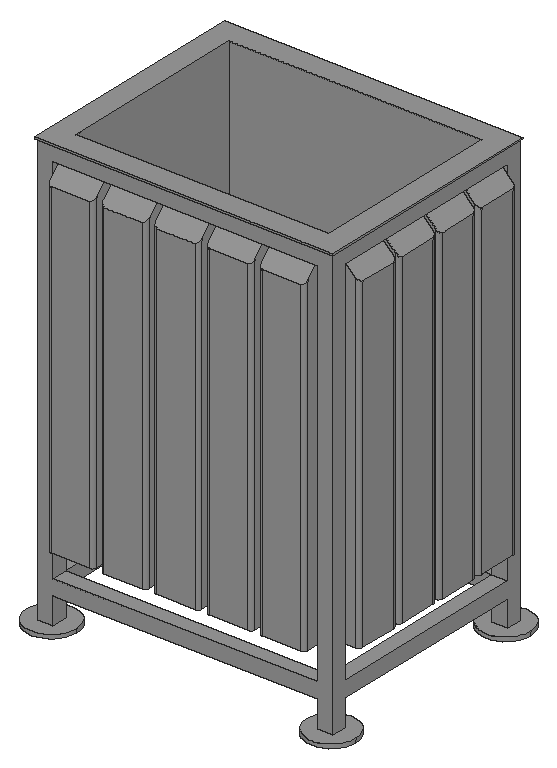
Revit family "Урна «Элегант» Арт 7284", category Антураж, Revit 2018
Family settings
  На основе рабочей плоскости = Нет
  Всегда вертикально = Да
  При загрузке вырезать с полостями = Нет
  Источник визуального образа = Геометрия семейства
  Общий = Нет
  Точка расчета площади = Нет
Parameters (values of type "Урна «Элегант». Версия «Элегант»")
  Ширина = 350 mm  # constant formula
  Цвет урны = Сталь
  Цвет отделки = Дерево
  Описание = if(Версия «Элегант», "Урна «Элегант». Версия «Элегант»", "Урна «Элегант». Версия «Элегант Нэо»")  # "Урна «Элегант». Версия «Элегант»"
  Материал изделия = "Сталь, дерево"  # constant formula
  Изображение типоразмера = Урна «Элегант» Арт 7284.jpg
  Изготовитель = "ООО «Хоббика»"  # constant formula
  Длина = 430 mm  # constant formula
  Группа модели = "Уличные урны"  # constant formula
  Высота = 570 mm  # constant formula
  Версия «Элегант» = yes
  Версия «Элегант Нэо» = not(Версия «Элегант»)  # no
  Артикул товара = "Арт. 7284"  # constant formula
  URL = "https://hobbyka.ru/product/urna_elegant/"
Types (3, lengths in mm): name | Цвет урны | Цвет отделки | Описание | Изображение типоразмера | Версия «Элегант» | Версия «Элегант Нэо»
  (no name) | Сталь | Дерево | "Урна «Элегант». Версия «Элегант»" | Урна «Элегант» Арт 7284.jpg | yes | no
  Урна «Элегант». Версия «Элегант» | Сталь | Дерево | "Урна «Элегант». Версия «Элегант»" | Урна «Элегант» Арт 7284.jpg | yes | no
  Урна «Элегант». Версия «Элегант Нэо» | Сталь серая | Дерево черненое | "Урна «Элегант». Версия «Элегант Нэо»" | Урна «Элегант» Нэо Арт 7284.jpg | no | yes
Reference planes
  plane 1 "По центру (Вперед/Назад)": y = 0
  plane 2: z = 0
  plane 3 "По центру (Влево/Вправо)": x = 0
  plane 4: y = 350
  plane 5: x = 430
  plane 6: z = 570
Forms (mm)
  Sweep 1, solid, material "Цинк"
    path origin (0, 0, 0) x (1, 0, 0) y (0, 1, 0)
      loop
        line (0, 350) -> (0, 0) -> (430, 0) -> (430, 350) -> (0, 350)
    profile origin (215, 350, 0) x (0, 1, 0) y (0, 0, 1)
      loop
        line (-20, 570) -> (-50, 570) -> (-50, 540) -> (-48, 540) -> (-48, 568) -> (-20, 568) -> (-20, 570)
  Extrusion 2, solid, material "Цинк"
    sketch origin (0, 0, 0) x (1, 0, 0) y (0, 1, 0)
      loop
        line (48, 302) -> (48, 48) -> (382, 48) -> (382, 302) -> (48, 302)
    from 115 to 540
  Extrusion 3, void
    sketch origin (0, 0, 0) x (1, 0, 0) y (0, 1, 0)
      loop
        line (50, 300) -> (50, 50) -> (380, 50) -> (380, 300) -> (50, 300)
    from 117 to 570
  Extrusion 4, solid, material "Сталь" <- "Цвет урны"
    sketch origin (0, 0, 0) x (1, 0, 0) y (0, 1, 0)
      loop
        circle (32.5, 317.5) r 32.5
      loop
        circle (397.5, 317.5) r 32.5
      loop
        circle (32.5, 32.5) r 32.5
      loop
        circle (397.5, 32.5) r 32.5
    from 0 to 5
  Extrusion 5, solid, material "Сталь" <- "Цвет урны"
    sketch origin (0, 0, 0) x (1, 0, 0) y (0, 1, 0)
      loop
        line (22.5, 327.5) -> (22.5, 307.5) -> (42.5, 307.5) -> (42.5, 327.5) -> (22.5, 327.5)
      loop
        line (387.5, 327.5) -> (387.5, 307.5) -> (407.5, 307.5) -> (407.5, 327.5) -> (387.5, 327.5)
      loop
        line (22.5, 42.5) -> (22.5, 22.5) -> (42.5, 22.5) -> (42.5, 42.5) -> (22.5, 42.5)
      loop
        line (387.5, 42.5) -> (387.5, 22.5) -> (407.5, 22.5) -> (407.5, 42.5) -> (387.5, 42.5)
    from 0 to 568
  Extrusion 6, solid, material "Сталь" <- "Цвет урны"
    sketch origin (0, 0, 0) x (1, 0, 0) y (0, 1, 0)
      loop
        line (22.5, 327.5) -> (22.5, 22.5) -> (407.5, 22.5) -> (407.5, 327.5) -> (22.5, 327.5)
      loop
        line (387.5, 42.5) -> (387.5, 307.5) -> (42.5, 307.5) -> (42.5, 42.5) -> (387.5, 42.5)
    from 40 to 60
  Extrusion 7, solid, material "Сталь" <- "Цвет урны"
    sketch origin (0, 0, 0) x (1, 0, 0) y (0, 1, 0)
      loop
        line (22.5, 327.5) -> (22.5, 22.5) -> (407.5, 22.5) -> (407.5, 327.5) -> (22.5, 327.5)
      loop
        line (387.5, 42.5) -> (387.5, 307.5) -> (42.5, 307.5) -> (42.5, 42.5) -> (387.5, 42.5)
    from 548 to 568
  Extrusion 8, solid, material "Дерево" <- "Цвет отделки"
    sketch origin (0, 0, 0) x (1, 0, 0) y (0, 1, 0)
      loop
        line (47, 42.5) -> (47, 12.5)
        arc (47, 12.5) -> (48.464, 8.964) -> (52, 7.5) r 5
        line (52, 7.5) -> (102, 7.5)
        arc (102, 7.5) -> (105.536, 8.964) -> (107, 12.5) r 5
        line (107, 12.5) -> (107, 42.5) -> (47, 42.5)
      loop
        line (47, 307.5) -> (107, 307.5) -> (107, 337.5)
        arc (107, 337.5) -> (105.536, 341.036) -> (102, 342.5) r 5
        line (102, 342.5) -> (52, 342.5)
        arc (52, 342.5) -> (48.464, 341.036) -> (47, 337.5) r 5
        line (47, 337.5) -> (47, 307.5)
      loop
        line (42.5, 302.496) -> (12.5, 302.496)
        arc (12.5, 302.496) -> (8.964, 301.031) -> (7.5, 297.496) r 5
        line (7.5, 297.496) -> (7.5, 247.496)
        arc (7.5, 247.496) -> (8.964, 243.96) -> (12.5, 242.496) r 5
        line (12.5, 242.496) -> (42.5, 242.496) -> (42.5, 302.496)
      loop
        line (42.5, 237.496) -> (12.5, 237.496)
        arc (12.5, 237.496) -> (8.964, 236.031) -> (7.5, 232.496) r 5
        line (7.5, 232.496) -> (7.5, 182.496)
        arc (7.5, 182.496) -> (8.964, 178.96) -> (12.5, 177.496) r 5
        line (12.5, 177.496) -> (42.5, 177.496) -> (42.5, 237.496)
      loop
        line (42.5, 172.496) -> (12.5, 172.496)
        arc (12.5, 172.496) -> (8.964, 171.031) -> (7.5, 167.496) r 5
        line (7.5, 167.496) -> (7.5, 117.496)
        arc (7.5, 117.496) -> (8.964, 113.96) -> (12.5, 112.496) r 5
        line (12.5, 112.496) -> (42.5, 112.496) -> (42.5, 172.496)
      loop
        line (42.5, 107.496) -> (12.5, 107.496)
        arc (12.5, 107.496) -> (8.964, 106.031) -> (7.5, 102.496) r 5
        line (7.5, 102.496) -> (7.5, 52.496)
        arc (7.5, 52.496) -> (8.964, 48.96) -> (12.5, 47.496) r 5
        line (12.5, 47.496) -> (42.5, 47.496) -> (42.5, 107.496)
      loop
        line (387.5, 302.496) -> (387.5, 242.496) -> (417.5, 242.496)
        arc (417.5, 242.496) -> (421.036, 243.96) -> (422.5, 247.496) r 5
        line (422.5, 247.496) -> (422.5, 297.496)
        arc (422.5, 297.496) -> (421.036, 301.031) -> (417.5, 302.496) r 5
        line (417.5, 302.496) -> (387.5, 302.496)
      loop
        line (387.5, 237.496) -> (387.5, 177.496) -> (417.5, 177.496)
        arc (417.5, 177.496) -> (421.036, 178.96) -> (422.5, 182.496) r 5
        line (422.5, 182.496) -> (422.5, 232.496)
        arc (422.5, 232.496) -> (421.036, 236.031) -> (417.5, 237.496) r 5
        line (417.5, 237.496) -> (387.5, 237.496)
      loop
        line (387.5, 172.496) -> (387.5, 112.496) -> (417.5, 112.496)
        arc (417.5, 112.496) -> (421.036, 113.96) -> (422.5, 117.496) r 5
        line (422.5, 117.496) -> (422.5, 167.496)
        arc (422.5, 167.496) -> (421.036, 171.031) -> (417.5, 172.496) r 5
        line (417.5, 172.496) -> (387.5, 172.496)
      loop
        line (387.5, 107.496) -> (387.5, 47.496) -> (417.5, 47.496)
        arc (417.5, 47.496) -> (421.036, 48.96) -> (422.5, 52.496) r 5
        line (422.5, 52.496) -> (422.5, 102.496)
        arc (422.5, 102.496) -> (421.036, 106.031) -> (417.5, 107.496) r 5
        line (417.5, 107.496) -> (387.5, 107.496)
      loop
        line (116, 307.5) -> (176, 307.5) -> (176, 337.5)
        arc (176, 337.5) -> (174.536, 341.036) -> (171, 342.5) r 5
        line (171, 342.5) -> (121, 342.5)
        arc (121, 342.5) -> (117.464, 341.036) -> (116, 337.5) r 5
        line (116, 337.5) -> (116, 307.5)
      loop
        line (185, 307.5) -> (245, 307.5) -> (245, 337.5)
        arc (245, 337.5) -> (243.536, 341.036) -> (240, 342.5) r 5
        line (240, 342.5) -> (190, 342.5)
        arc (190, 342.5) -> (186.464, 341.036) -> (185, 337.5) r 5
        line (185, 337.5) -> (185, 307.5)
      loop
        line (254, 307.5) -> (314, 307.5) -> (314, 337.5)
        arc (314, 337.5) -> (312.536, 341.036) -> (309, 342.5) r 5
        line (309, 342.5) -> (259, 342.5)
        arc (259, 342.5) -> (255.464, 341.036) -> (254, 337.5) r 5
        line (254, 337.5) -> (254, 307.5)
      loop
        line (323, 307.5) -> (383, 307.5) -> (383, 337.5)
        arc (383, 337.5) -> (381.536, 341.036) -> (378, 342.5) r 5
        line (378, 342.5) -> (328, 342.5)
        arc (328, 342.5) -> (324.464, 341.036) -> (323, 337.5) r 5
        line (323, 337.5) -> (323, 307.5)
      loop
        line (116, 42.5) -> (116, 12.5)
        arc (116, 12.5) -> (117.464, 8.964) -> (121, 7.5) r 5
        line (121, 7.5) -> (171, 7.5)
        arc (171, 7.5) -> (174.536, 8.964) -> (176, 12.5) r 5
        line (176, 12.5) -> (176, 42.5) -> (116, 42.5)
      loop
        line (185, 42.5) -> (185, 12.5)
        arc (185, 12.5) -> (186.464, 8.964) -> (190, 7.5) r 5
        line (190, 7.5) -> (240, 7.5)
        arc (240, 7.5) -> (243.536, 8.964) -> (245, 12.5) r 5
        line (245, 12.5) -> (245, 42.5) -> (185, 42.5)
      loop
        line (254, 42.5) -> (254, 12.5)
        arc (254, 12.5) -> (255.464, 8.964) -> (259, 7.5) r 5
        line (259, 7.5) -> (309, 7.5)
        arc (309, 7.5) -> (312.536, 8.964) -> (314, 12.5) r 5
        line (314, 12.5) -> (314, 42.5) -> (254, 42.5)
      loop
        line (323, 42.5) -> (323, 12.5)
        arc (323, 12.5) -> (324.464, 8.964) -> (328, 7.5) r 5
        line (328, 7.5) -> (378, 7.5)
        arc (378, 7.5) -> (381.536, 8.964) -> (383, 12.5) r 5
        line (383, 12.5) -> (383, 42.5) -> (323, 42.5)
    from 100 to 548
  Extrusion 9, void
    sketch origin (0, 0, 0) x (0, 1, 0) y (0, 0, 1)
      loop
        line (27.5, 548) -> (7.5, 548) -> (7.5, 528) -> (27.5, 548)
      loop
        line (322.5, 548) -> (342.5, 528) -> (342.5, 548) -> (322.5, 548)
    from 44.668 to 385.872
  Extrusion 10, void
    sketch origin (0, 0, 0) x (1, 0, 0) y (0, 0, 1)
      loop
        line (402.5, 548) -> (422.5, 528) -> (422.5, 548) -> (402.5, 548)
      loop
        line (27.5, 548) -> (7.5, 548) -> (7.5, 528) -> (27.5, 548)
    from -44.659 to -305.27
Cuts and joins
  Extrusion 3 cuts Extrusion 2
  joined: Sweep 1, Extrusion 2
  Extrusion 9 cuts Extrusion 4
  Extrusion 9 cuts Extrusion 5
  Extrusion 9 cuts Extrusion 6
  Extrusion 9 cuts Extrusion 7
  joined: Extrusion 4, Extrusion 5, Extrusion 6, Extrusion 7
  Extrusion 9, Extrusion 10 cuts Extrusion 8
Dimensions and locks
  "Длина": plane 3 "По центру (Влево/Вправо)" to plane 5
  "Ширина": plane 4 to plane 1 "По центру (Вперед/Назад)"
  "Высота": plane 6 to plane 2
  aligned and locked: level to plane 2
Automatic sketch dimensions
  plane 1 "По центру (Вперед/Назад)" to Sweep 1 sketch curve = 0 mm
  Sweep 1 sketch curve to plane 3 "По центру (Влево/Вправо)" = 0 mm
  Sweep 1 sketch curve to plane 5 = 0 mm
  Sweep 1 sketch curve to plane 4 = 0 mm
  plane 3 "По центру (Влево/Вправо)" to Extrusion 2 sketch curve = 48 mm
  Extrusion 2 sketch curve to plane 5 = 48 mm
  Extrusion 2 sketch curve to plane 1 "По центру (Вперед/Назад)" = 48 mm
  Extrusion 2 sketch curve to plane 4 = 48 mm
  plane 3 "По центру (Влево/Вправо)" to Extrusion 3 sketch curve = 50 mm
  Extrusion 3 sketch curve to plane 5 = 50 mm
  Extrusion 3 sketch curve to plane 1 "По центру (Вперед/Назад)" = 50 mm
  Extrusion 3 sketch curve to plane 4 = 50 mm
  plane 3 "По центру (Влево/Вправо)" to Extrusion 4 sketch curve = 32.5 mm  (x2)
  Extrusion 4 sketch curve to plane 5 = 32.5 mm  (x2)
  Extrusion 4 sketch curve to plane 1 "По центру (Вперед/Назад)" = 32.5 mm  (x2)
  Extrusion 4 sketch curve to plane 4 = 32.5 mm  (x2)
  plane 3 "По центру (Влево/Вправо)" to Extrusion 5 sketch curve = 22.5 mm  (x2)
  Extrusion 5 sketch curve to Extrusion 5 sketch curve = 20 mm  (x8)
  Extrusion 5 sketch curve to plane 5 = 42.5 mm  (x2)
  Extrusion 5 sketch curve to plane 1 "По центру (Вперед/Назад)" = 22.5 mm  (x2)
  Extrusion 5 sketch curve to plane 4 = 42.5 mm  (x2)
  plane 3 "По центру (Влево/Вправо)" to Extrusion 6 sketch curve = 22.5 mm
  Extrusion 6 sketch curve to Extrusion 6 sketch curve = 20 mm  (x2)
  Extrusion 6 sketch curve to plane 5 = 42.5 mm
  Extrusion 6 sketch curve to plane 5 = 22.5 mm
  Extrusion 6 sketch curve to plane 1 "По центру (Вперед/Назад)" = 22.5 mm
  Extrusion 6 sketch curve to plane 4 = 42.5 mm
  Extrusion 6 sketch curve to plane 4 = 22.5 mm
  plane 3 "По центру (Влево/Вправо)" to Extrusion 7 sketch curve = 22.5 mm
  Extrusion 7 sketch curve to Extrusion 7 sketch curve = 20 mm  (x2)
  Extrusion 7 sketch curve to plane 5 = 42.5 mm
  Extrusion 7 sketch curve to plane 5 = 22.5 mm
  Extrusion 7 sketch curve to plane 1 "По центру (Вперед/Назад)" = 22.5 mm
  Extrusion 7 sketch curve to plane 4 = 42.5 mm
  Extrusion 7 sketch curve to plane 4 = 22.5 mm
  plane 3 "По центру (Влево/Вправо)" to Extrusion 8 sketch curve = 7.5 mm  (x4)
  Extrusion 8 sketch curve to Extrusion 8 sketch curve = 5 mm  (x36)
  Extrusion 8 sketch curve to Extrusion 8 sketch curve = 0 mm  (x13)
  Extrusion 8 sketch curve to Extrusion 8 sketch curve = 30 mm  (x6)
  Extrusion 8 sketch curve to Extrusion 8 sketch curve = 4.5 mm  (x4)
  Extrusion 8 sketch curve to plane 1 "По центру (Вперед/Назад)" = 7.5 mm  (x2)
  Extrusion 8 sketch curve to Extrusion 8 sketch curve = 50 mm  (x18)
  Extrusion 8 sketch curve to plane 4 = 7.5 mm  (x3)
  Extrusion 8 sketch curve to Extrusion 8 sketch curve = 9 mm  (x8)
  Extrusion 8 sketch curve to plane 1 "По центру (Вперед/Назад)" = 12.5 mm  (x3)
  Extrusion 8 sketch curve to plane 4 = 12.5 mm  (x2)
  Extrusion 8 sketch curve to plane 5 = 12.5 mm  (x5)
  Extrusion 8 sketch curve to Extrusion 8 sketch curve = 4.996 mm  (x2)
  Extrusion 8 sketch curve to Extrusion 8 sketch curve = 5.004 mm  (x2)
  Extrusion 9 sketch curve to plane 1 "По центру (Вперед/Назад)" = 7.5 mm
  Extrusion 9 sketch curve to Extrusion 9 sketch curve = 20 mm  (x2)
  Extrusion 9 sketch curve to plane 4 = 27.5 mm
  Extrusion 9 sketch curve to plane 4 = 7.5 mm
  Extrusion 9 sketch curve to plane 6 = 42 mm  (x2)
  Extrusion 9 sketch curve to plane 6 = 22 mm
  plane 3 "По центру (Влево/Вправо)" to Extrusion 10 sketch curve = 7.5 mm
  Extrusion 10 sketch curve to Extrusion 10 sketch curve = 20 mm  (x2)
  Extrusion 10 sketch curve to plane 5 = 27.5 mm
  Extrusion 10 sketch curve to plane 5 = 7.5 mm
  Extrusion 10 sketch curve to plane 6 = 42 mm  (x2)
  Extrusion 10 sketch curve to plane 6 = 22 mm
  profile plane to Sweep 1 sketch curve = 50 mm
  Sweep 1 sketch curve to Sweep 1 sketch curve = 2 mm  (x2)
  profile plane to Sweep 1 sketch curve = 20 mm
  level to Sweep 1 sketch curve = 540 mm
  Sweep 1 sketch curve to Sweep 1 sketch curve = 28 mm
  radius of Extrusion 4 sketch curve = 32.5 mm  (x4)
